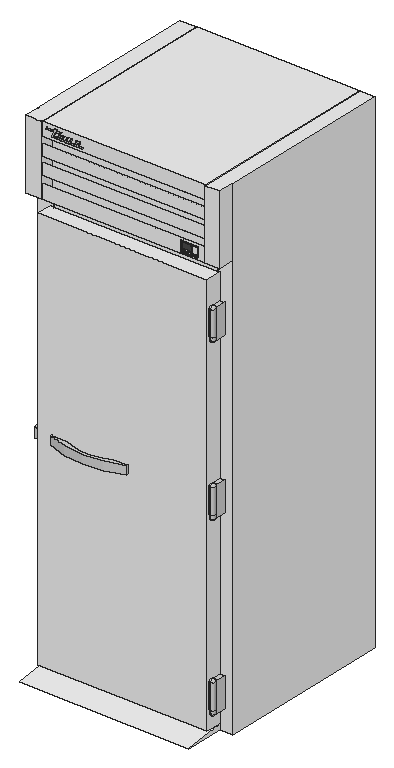
Revit family
Parameters
  Weight in Pounds = 0
  Watts = Volts * FL Amps  # 1023.5 W
  Volts = 115 V
  URL Cutsheet = "www.truemfg.com"
  URL = "www.truemfg.com"
  Type Mark [instance] = ""
  Type Comments = ""
  Status [instance] = ""
  Specification by User [instance] = ""
  Specification by Manufacturer = ""
  Show Logo [instance] = yes
  Show Clearance [instance] = yes
  Serial Number = ""
  Seismic Rating = ""
  SMACNA No = ""
  Revision Code [instance] = ""
  Phase = 1
  Omniclass Number and Title = ""
  Number of Poles [instance] = 1
  NAFEM Spec ID Number = ""
  Model = "STA1RRI89-1S"
  Min Ckt Ampacity = 0 A
  Max Overcurrent Protection = 0 A
  Masterspec = ""
  Manufacturer = "TRUE FOOD SERVICE EQUIPMENT, INC."
  Length = 35"
  Item Number [instance] = ""
  Installed By [instance] = ""
  Identify Quantity as Lot [instance] = yes
  Height = 88 3/4"
  HP = "1/3"
  Furnished By [instance] = ""
  Foodservice Equipment Identifier [instance] = yes
  FL Amps = 8.9 A
  Electrical Remarks [instance] = ""
  Electric Connection Type [instance] = ""
  Elec Conn RI Height [instance] = 0"
  Elec Conn Connection Height [instance] = 0"
  Description = "Roll-in Solid Swing Door Refrigerator"
  Depth = 34 3/4"
  Cycle = 60 Hz
  Conn Plug = "5-15P"
  Conn Conduit = yes
  CSI MasterFormat = ""
  CSI Master Format = ""
  Apparent Power = if(Phase = 3, Volts * FL Amps * 1.73, Volts * FL Amps)  # 1023.5 VA
Reference planes (in)
  plane 1 "BACK": y = 0
  plane 2: z = 0
  plane 3 "LEFT": x = 0
  plane 4 "RIGHT": x = 35
  plane 5 "FRONT": y = -34.75
  plane 6 "TOP": z = 88.75
  plane 7: x = 2.84375
  plane 8: y = -34.7042
  plane 9: x = 32.15625
  plane 10: z = 73.75
Forms (in)
  Extrusion 1, solid, material "QF_Finishes_Chrome - Satin"
    sketch origin (0.05, 0, 0) x (1, 0, 0) y (0, 1, 0)
      loop
        line (-0.05, 0) -> (-0.05, -32) -> (2.87859, -32) -> (2.87859, 0) -> (-0.05, 0)
    from 0 to 88.75
  Extrusion 2, solid, material "QF_Finishes_Chrome - Satin"
    sketch origin (50.15, 0, 0) x (1, 0, 0) y (0, 1, 0)
      loop
        line (-17.85, 0) -> (-17.85, -32) -> (-15.15, -32) -> (-15.15, 0) -> (-17.85, 0)
    from 0 to 88.75
  Extrusion 3, solid, material "QF_Finishes_Chrome - Satin"
    sketch origin (0, 0, 0) x (0, 1, 0) y (0, 0, 1)
      loop
        line (-34.7042, 76.28125) -> (-32, 76.28125) -> (-32, 0) -> (0, 0) -> (0, 88.75) -> (-34.7042, 88.75) -> (-34.7042, 86.40578) -> (-32.5, 84.83852) -> (-32.5, 83.71625) -> (-34.7042, 85.28351) -> (-34.7042, 83.1498) -> (-32.5, 81.58254) -> (-32.5, 80.62178) -> (-34.7042, 82.18904) -> (-34.7042, 80.09284) -> (-32.5, 78.52557) -> (-32.5, 77.25) -> (-34.7042, 78.81726) -> (-34.7042, 76.28125)
    from 2.92859 to 32.3
  Extrusion 4, solid, material "QF_Finishes_Chrome - Satin"
    sketch origin (0, 0, 0) x (1, 0, 0) y (0, 1, 0)
      loop
        line (34.84782, -32) -> (32.3, -32) -> (32.3, -34.75) -> (34.84782, -34.75) -> (34.84782, -32)
    from 76.28125 to 88.75
  Extrusion 5, solid, material "QF_Finishes_Chrome - Satin"
    sketch origin (-50.125, 0, 0.25) x (1, 0, 0) y (0, 1, 0)
      loop
        line (53.05359, -32) -> (50.24109, -32) -> (50.24109, -34.75) -> (53.05359, -34.75) -> (53.05359, -32)
    from 76.03125 to 88.5
  Extrusion 6, solid, material "QF_Finishes_Chrome - Satin"
    sketch origin (-24.96875, -1, -0.71875) x (1, 0, 0) y (0, 0, 1)
      loop
        line (27.25, 1.71875) -> (57.65625, 1.71875) -> (57.65625, 74.46875) -> (27.25, 74.46875) -> (27.25, 1.71875)
    from 31 to 33.75
  Extrusion 7, solid, material "QF_Finishes_Handrails and Railings"
    sketch origin (58.625, -0.25, 26.43519) x (1, 0, 0) y (0, 1, 0)
      loop
        line (-53.875, -34.5) -> (-53.875, -34.7)
        arc (-53.875, -34.7) -> (-47.075, -36.14405) -> (-40.275, -34.7) r 16.7325
        line (-40.275, -34.7) -> (-40.275, -34.5) -> (-42.675, -34.5)
        arc (-42.675, -34.5) -> (-47.075, -35.65816) -> (-51.475, -34.5) r 8.93715
        line (-51.475, -34.5) -> (-53.875, -34.5)
    from 10.87731 to 12.37731
  Extrusion 8, solid, material "QF_Finishes_Handrails and Railings"
    sketch origin (-23.375, 0, -2) x (1, 0, 0) y (0, 0, 1)
      loop
        circle (26.4375, 40.0625) r 0.35
      loop
        line (26.47265, 40.33635) -> (26.41715, 40.33635) -> (26.41715, 39.76895) -> (26.47265, 39.76895) -> (26.47265, 40.33635)
    from 33.5 to 33.83066
  Extrusion 9, solid, material "QF_Finishes_Handrails and Railings", visible <- "Show Logo"
    sketch origin (0.33478, 0.06376, 5.01857) x (1, 0, 0) y (0, 0, 1)
      loop
        line (3.46044, 83.08731) -> (3.35478, 82.86073) -> (4.76027, 82.86073)
        arc (4.76027, 82.86073) -> (4.78879, 82.81028) -> (4.76027, 82.75984) r 0.05887
        line (4.76027, 82.75984) -> (4.39369, 81.97372)
        arc (4.39369, 81.97372) -> (4.39051, 81.90091) -> (4.43975, 81.84717) r 0.09523
        line (4.43975, 81.84717) -> (5.33844, 81.84717)
        arc (5.33844, 81.84717) -> (5.45192, 81.88295) -> (5.52436, 81.97735) r 0.19785
        line (5.52436, 81.97735) -> (5.81285, 82.59601) -> (6.0779, 82.59601)
        arc (6.0779, 82.59601) -> (6.14744, 82.57043) -> (6.13737, 82.49703) r 0.05911
        line (6.13737, 82.49703) -> (5.89598, 81.97937)
        arc (5.89598, 81.97937) -> (5.89974, 81.8934) -> (5.97231, 81.84717) r 0.09318
        line (5.97231, 81.84717) -> (6.76198, 81.84717)
        arc (6.76198, 81.84717) -> (6.82249, 81.86919) -> (6.85468, 81.92495) r 0.09412
        arc (6.85468, 81.92495) -> (6.87746, 81.86995) -> (6.93246, 81.84717) r 0.07778
        line (6.93246, 81.84717) -> (7.43246, 81.84717)
        arc (7.43246, 81.84717) -> (7.49022, 81.86265) -> (7.53251, 81.90493) r 0.11552
        arc (7.53251, 81.90493) -> (7.55275, 81.85606) -> (7.60162, 81.83581) r 0.06912
        line (7.60162, 81.83581) -> (8.31225, 81.83581)
        arc (8.31225, 81.83581) -> (8.37034, 81.85988) -> (8.39441, 81.91797) r 0.08216
        arc (8.39441, 81.91797) -> (8.44767, 81.86472) -> (8.52042, 81.84522) r 0.14551
        line (8.52042, 81.84522) -> (9.85158, 81.84522) -> (9.99946, 82.10134) -> (8.65678, 82.10134)
        arc (8.65678, 82.10134) -> (8.61972, 82.12704) -> (8.61834, 82.17211) r 0.05009
        line (8.61834, 82.17211) -> (8.64157, 82.22192)
        arc (8.64157, 82.22192) -> (8.67723, 82.26864) -> (8.73327, 82.28635) r 0.09747
        line (8.73327, 82.28635) -> (9.16485, 82.28635)
        arc (9.16485, 82.28635) -> (9.258, 82.31131) -> (9.32619, 82.3795) r 0.1863
        line (9.32619, 82.3795) -> (9.45119, 82.59601)
        arc (9.45119, 82.59601) -> (9.45119, 82.71157) -> (9.35111, 82.76934) r 0.11556
        line (9.35111, 82.76934) -> (8.89562, 82.76934)
        arc (8.89562, 82.76934) -> (8.7795, 82.74962) -> (8.69849, 82.66412) r 0.18605
        line (8.69849, 82.66412) -> (8.48204, 82.19993)
        arc (8.48204, 82.19993) -> (8.41815, 82.11667) -> (8.31806, 82.08511) r 0.1745
        line (8.31806, 82.08511) -> (7.84559, 82.08511)
        arc (7.84559, 82.08511) -> (7.78903, 82.14684) -> (7.79268, 82.23048) r 0.10939
        line (7.79268, 82.23048) -> (8.04395, 82.76934) -> (7.88403, 82.76934) -> (7.61781, 82.19844)
        arc (7.61781, 82.19844) -> (7.56609, 82.13103) -> (7.48505, 82.10548) r 0.14128
        line (7.48505, 82.10548) -> (7.15925, 82.10548)
        arc (7.15925, 82.10548) -> (7.10419, 82.17723) -> (7.116, 82.26689) r 0.11816
        line (7.116, 82.26689) -> (7.3503, 82.76934) -> (7.18514, 82.76934) -> (6.91546, 82.191)
        arc (6.91546, 82.191) -> (6.85285, 82.12839) -> (6.76733, 82.10548) r 0.17104
        line (6.76733, 82.10548) -> (6.29555, 82.10548)
        arc (6.29555, 82.10548) -> (6.21082, 82.14499) -> (6.20267, 82.23813) r 0.0935
        line (6.20267, 82.23813) -> (6.35774, 82.57069) -> (6.57695, 82.57069)
        arc (6.57695, 82.57069) -> (6.61395, 82.68217) -> (6.69267, 82.76934) r 0.2857
        line (6.69267, 82.76934) -> (5.83605, 82.76934)
        arc (5.83605, 82.76934) -> (5.74086, 82.74824) -> (5.67498, 82.67635) r 0.16212
        line (5.67498, 82.67635) -> (5.44279, 82.17841)
        arc (5.44279, 82.17841) -> (5.3894, 82.12502) -> (5.31647, 82.10548) r 0.14586
        line (5.31647, 82.10548) -> (4.80506, 82.10548)
        arc (4.80506, 82.10548) -> (4.76514, 82.15942) -> (4.77274, 82.22609) r 0.09155
        line (4.77274, 82.22609) -> (5.11018, 82.86073) -> (5.96155, 82.86073) -> (6.06721, 83.08731) -> (5.21584, 83.08731) -> (5.32149, 83.31388) -> (5.01862, 83.31388) -> (4.91297, 83.08731) -> (3.46044, 83.08731)
      loop
        arc (8.83805, 82.56363) -> (8.80119, 82.55375) -> (8.7742, 82.52676) r 0.07373
        line (8.7742, 82.52676) -> (8.75229, 82.45936)
        arc (8.75229, 82.45936) -> (8.76245, 82.43483) -> (8.78699, 82.42466) r 0.0347
        line (8.78699, 82.42466) -> (9.15948, 82.42466)
        arc (9.15948, 82.42466) -> (9.18632, 82.43061) -> (9.20812, 82.44734) r 0.0635
        line (9.20812, 82.44734) -> (9.22624, 82.53122)
        arc (9.22624, 82.53122) -> (9.22091, 82.55368) -> (9.20009, 82.56363) r 0.02676
        line (9.20009, 82.56363) -> (8.83805, 82.56363)
    from 34.76797 to 34.83173
  Extrusion 10, solid, material "QF_Finishes_White"
    sketch origin (-22.74812, 0.0458, -7.98362) x (1, 0, 0) y (0, 0, 1)
      loop
        line (50.81732, 86.35727) -> (50.81732, 84.60996) -> (53.72357, 84.60996) -> (53.72357, 86.35727) -> (50.81732, 86.35727)
    from 34.75 to 34.76797
  Extrusion 11, solid, material "QF_Finishes_Black"
    sketch origin (-22.74812, 0.0458, -7.98362) x (1, 0, 0) y (0, 0, 1)
      loop
        line (53.78607, 86.41977) -> (50.75482, 86.41977) -> (50.75482, 84.54746) -> (53.78607, 84.54746) -> (53.78607, 86.41977)
      loop
        spline (50.95482, 84.87872) -> (50.96333, 84.86254) -> (50.98831, 84.84747) -> (51.02804, 84.83452) -> (51.07982, 84.82459) -> (51.14011, 84.81835) -> (51.20482, 84.81622) -> (51.26952, 84.81835) -> (51.32982, 84.82459) -> (51.38159, 84.83452) -> (51.42132, 84.84747) -> (51.4463, 84.86254) -> (51.45482, 84.87872)
        spline (51.45482, 84.87872) -> (51.4463, 84.89489) -> (51.42132, 84.90997) -> (51.38159, 84.92291) -> (51.32982, 84.93284) -> (51.26952, 84.93909) -> (51.20482, 84.94122) -> (51.14011, 84.93909) -> (51.07982, 84.93284) -> (51.02804, 84.92291) -> (50.98831, 84.90997) -> (50.96333, 84.89489) -> (50.95482, 84.87872)
      loop
        spline (51.65083, 84.87872) -> (51.65935, 84.86254) -> (51.68432, 84.84747) -> (51.72405, 84.83452) -> (51.77583, 84.82459) -> (51.83612, 84.81835) -> (51.90083, 84.81622) -> (51.96553, 84.81835) -> (52.02583, 84.82459) -> (52.07761, 84.83452) -> (52.11734, 84.84747) -> (52.14231, 84.86254) -> (52.15083, 84.87872)
        spline (52.15083, 84.87872) -> (52.14231, 84.89489) -> (52.11734, 84.90997) -> (52.07761, 84.92291) -> (52.02583, 84.93284) -> (51.96553, 84.93909) -> (51.90083, 84.94122) -> (51.83612, 84.93909) -> (51.77583, 84.93284) -> (51.72405, 84.92291) -> (51.68432, 84.90997) -> (51.65935, 84.89489) -> (51.65083, 84.87872)
      loop
        spline (52.40083, 84.87872) -> (52.40935, 84.86254) -> (52.43432, 84.84747) -> (52.47405, 84.83452) -> (52.52583, 84.82459) -> (52.58612, 84.81835) -> (52.65083, 84.81622) -> (52.71553, 84.81835) -> (52.77583, 84.82459) -> (52.82761, 84.83452) -> (52.86734, 84.84747) -> (52.89231, 84.86254) -> (52.90083, 84.87872)
        spline (52.90083, 84.87872) -> (52.89231, 84.89489) -> (52.86734, 84.90997) -> (52.82761, 84.92291) -> (52.77583, 84.93284) -> (52.71553, 84.93909) -> (52.65083, 84.94122) -> (52.58612, 84.93909) -> (52.52583, 84.93284) -> (52.47405, 84.92291) -> (52.43432, 84.90997) -> (52.40935, 84.89489) -> (52.40083, 84.87872)
      loop
        line (50.95481, 86.21978) -> (50.95481, 85.21978) -> (52.65433, 85.21978) -> (52.65433, 86.21978) -> (50.95481, 86.21978)
      loop
        line (53.72357, 86.35727) -> (50.81732, 86.35727) -> (50.81732, 84.60996) -> (53.72357, 84.60996) -> (53.72357, 86.35727)
      loop
        spline (53.15083, 84.87872) -> (53.15935, 84.86254) -> (53.18432, 84.84747) -> (53.22405, 84.83452) -> (53.27583, 84.82459) -> (53.33612, 84.81835) -> (53.40083, 84.81622) -> (53.46553, 84.81835) -> (53.52583, 84.82459) -> (53.57761, 84.83452) -> (53.61734, 84.84747) -> (53.64231, 84.86254) -> (53.65083, 84.87872)
        spline (53.65083, 84.87872) -> (53.64231, 84.89489) -> (53.61734, 84.90997) -> (53.57761, 84.92291) -> (53.52583, 84.93284) -> (53.46553, 84.93909) -> (53.40083, 84.94122) -> (53.33612, 84.93909) -> (53.27583, 84.93284) -> (53.22405, 84.92291) -> (53.18432, 84.90997) -> (53.15935, 84.89489) -> (53.15083, 84.87872)
    from 34.76797 to 34.80335
  Extrusion 12, solid
    sketch origin (-25.125, 0, 0) x (1, 0, 0) y (0, 0, 1)
      loop
        circle (56.875, 86.625) r 0.25
    from 0 to 0.0625
  Blend 13, solid, material "QF_Finishes_Handrails and Railings"
    base sketch origin (27.53125, -1, 0) x (-1, 0, 0) y (0, 0, -1)
      loop
        line (25.25, -38.99169) -> (26, -38.99169) -> (26, -37.24169) -> (25.25, -37.24169) -> (25.25, -38.99169)
    top sketch origin (27.53125, 0, 0) x (-1, 0, 0) y (0, 0, -1)
      loop
        line (26.18223, -36.6441) -> (25.25, -36.6441) -> (25.25, -39.42643) -> (26.18223, -39.42643) -> (26.18223, -36.6441)
    from 33.57883 to 32
  Extrusion 14, solid, material "QF_Finishes_Handrails and Railings"
    sketch origin (33.78125, 0, 0) x (0, 1, 0) y (0, 0, -1)
      loop
        line (-32, -69.17729) -> (-32, -63.86127) -> (-34.25, -63.86127) -> (-34.25, -64.57348) -> (-33.81497, -64.57348) -> (-33.81497, -68.97276)
        arc (-33.81497, -68.97276) -> (-33.75506, -69.11738) -> (-33.61044, -69.17729) r 0.20453
        line (-33.61044, -69.17729) -> (-32, -69.17729)
    from 0.17506 to 1
  Revolve 15, solid, material "QF_Finishes_Handrails and Railings"
    sketch origin (33.28125, 0, 0) x (0, 1, 0) y (0, 0, -1)
      loop
        line (-34.26563, -64.62689) -> (-34.67229, -64.62689) -> (-34.67229, -69.0986)
        arc (-34.67229, -69.0986) -> (-34.53722, -69.35057) -> (-34.26563, -69.43983) r 0.3848
        line (-34.26563, -69.43983) -> (-34.26563, -64.62689)
      loop
        line (-34.26563, -64.57348) -> (-34.26563, -63.67281)
        arc (-34.26563, -63.67281) -> (-34.53264, -63.75883) -> (-34.67229, -64.00212) r 0.38884
        line (-34.67229, -64.00212) -> (-34.67229, -64.57348) -> (-34.26563, -64.57348)
      axis (-34.26563, -63.67281) -> (-34.26563, -69.43983)
    angle from 0 to 360
  Extrusion 16, solid, material "QF_Finishes_Handrails and Railings"
    sketch origin (27.5, -1.07734, 0.0011) x (-1, 0, 0) y (0, 0, -1)
      loop
        line (-5.58509, -69.0986) -> (-5.1875, -69.0986) -> (-5.1875, -64.62579) -> (-5.58509, -64.62579) -> (-5.58509, -69.0986)
    from 32.81497 to 33.59495
  Extrusion 17, solid, material "QF_Finishes_Handrails and Railings"
    sketch origin (33.78125, 0, -24) x (0, 1, 0) y (0, 0, -1)
      loop
        line (-32, -64.55229) -> (-32, -59.23627) -> (-34.25, -59.23627) -> (-34.25, -59.94848) -> (-33.81497, -59.94848) -> (-33.81497, -64.34776)
        arc (-33.81497, -64.34776) -> (-33.75506, -64.49238) -> (-33.61044, -64.55229) r 0.20453
        line (-33.61044, -64.55229) -> (-32, -64.55229)
    from 0.17506 to 1
  Revolve 18, solid, material "QF_Finishes_Handrails and Railings"
    sketch origin (33.28125, 0, -24) x (0, 1, 0) y (0, 0, -1)
      loop
        line (-34.26563, -60.00189) -> (-34.67229, -60.00189) -> (-34.67229, -64.4736)
        arc (-34.67229, -64.4736) -> (-34.53722, -64.72557) -> (-34.26563, -64.81483) r 0.3848
        line (-34.26563, -64.81483) -> (-34.26563, -60.00189)
      loop
        line (-34.26563, -59.94848) -> (-34.26563, -59.04781)
        arc (-34.26563, -59.04781) -> (-34.53264, -59.13383) -> (-34.67229, -59.37712) r 0.38884
        line (-34.67229, -59.37712) -> (-34.67229, -59.94848) -> (-34.26563, -59.94848)
      axis (-34.26563, -59.04781) -> (-34.26563, -64.81483)
    angle from 0 to 360
  Extrusion 19, solid, material "QF_Finishes_Handrails and Railings"
    sketch origin (27.5, -1.07734, -23.9989) x (-1, 0, 0) y (0, 0, -1)
      loop
        line (-5.58509, -64.4736) -> (-5.1875, -64.4736) -> (-5.1875, -60.00079) -> (-5.58509, -60.00079) -> (-5.58509, -64.4736)
    from 32.81497 to 33.59495
  Extrusion 20, solid, material "QF_Finishes_Handrails and Railings"
    sketch origin (33.78125, 0, -55.5) x (0, 1, 0) y (0, 0, -1)
      loop
        line (-32, -64.55229) -> (-32, -59.23627) -> (-34.25, -59.23627) -> (-34.25, -59.94848) -> (-33.81497, -59.94848) -> (-33.81497, -64.34776)
        arc (-33.81497, -64.34776) -> (-33.75506, -64.49238) -> (-33.61044, -64.55229) r 0.20453
        line (-33.61044, -64.55229) -> (-32, -64.55229)
    from 0.17506 to 1
  Revolve 21, solid, material "QF_Finishes_Handrails and Railings"
    sketch origin (33.28125, 0, -55.5) x (0, 1, 0) y (0, 0, -1)
      loop
        line (-34.26563, -60.00189) -> (-34.67229, -60.00189) -> (-34.67229, -64.4736)
        arc (-34.67229, -64.4736) -> (-34.53722, -64.72557) -> (-34.26563, -64.81483) r 0.3848
        line (-34.26563, -64.81483) -> (-34.26563, -60.00189)
      loop
        line (-34.26563, -59.94848) -> (-34.26563, -59.04781)
        arc (-34.26563, -59.04781) -> (-34.53264, -59.13383) -> (-34.67229, -59.37712) r 0.38884
        line (-34.67229, -59.37712) -> (-34.67229, -59.94848) -> (-34.26563, -59.94848)
      axis (-34.26563, -59.04781) -> (-34.26563, -64.81483)
    angle from 0 to 360
  Extrusion 22, solid, material "QF_Finishes_Handrails and Railings"
    sketch origin (27.5, -1.07734, -55.4989) x (-1, 0, 0) y (0, 0, -1)
      loop
        line (-5.58509, -64.4736) -> (-5.1875, -64.4736) -> (-5.1875, -60.00079) -> (-5.58509, -60.00079) -> (-5.58509, -64.4736)
    from 32.81497 to 33.59495
  Extrusion 23, solid, material "QF_Finishes_Door Clearance", visible <- "Show Clearance", detail levels coarse
    sketch origin (26.42841, -3.6098, 0) x (1, 0, 0) y (0, 1, 0)
      loop
        line (6.32159, -31.1402) -> (-24.14716, -31.1402)
        arc (-24.14716, -31.1402) -> (-15.22307, -52.68486) -> (6.32159, -61.60895) r 30.46875
        line (6.32159, -61.60895) -> (6.32159, -31.1402)
    from 1 to 73.75
  Extrusion 24, solid, material "QF_Finishes_Chrome - Satin"
    sketch origin (32.6875, -1, 1) x (0, 0, 1) y (0, -1, 0)
      loop
        line (-1, 37.875) -> (-1, 31) -> (0, 31) -> (-1, 37.875)
    from 0 to -30.40625
Cuts and joins
  joined: Extrusion 1, Extrusion 2, Extrusion 4, Extrusion 5
Lines and regions (in)
  symbolic lines
    curve 1: line (0, 0, 0) -> (35, 0, 0)
    curve 2: line (0, -34.75, 0) -> (0, 0, 0)
    curve 3: line (35, -34.75, 0) -> (0, -34.75, 0)
    curve 4: line (35, 0, 0) -> (35, -34.75, 0)
    curve 5: line (35, -32.5, 0) -> (0, -32.5, 0)
    curve 6: arc (15.95746, -34.75, 0) -> (11.55746, -35.90816, 0) -> (7.15746, -34.75, 0) r 8.93715
    curve 7: arc (4.75746, -34.95, 0) -> (11.55746, -36.39405, 0) -> (18.35746, -34.95, 0) r 16.7325
    curve 8: line (4.75746, -34.75, 0) -> (4.75746, -34.95, 0)
    curve 9: line (18.35746, -34.95, 0) -> (18.35746, -34.75, 0)
  symbolic lines, style "QF-Door Swings", visible <- "Show Clearance", detail levels coarse
    curve 10: line (32.75, -34.75, 0) -> (32.75, -65.21875, 0)
    curve 11: arc (32.75, -65.21875, 0) -> (11.20534, -56.29466, 0) -> (2.28125, -34.75, 0) r 30.46875
Dimensions and locks (in)
  "Depth": plane 5 "FRONT" to plane 1 "BACK"
  "Height": plane 6 "TOP" to level
  Extrusion 6 sketch curve to Extrusion 6 sketch curve = 30 13/32"
  Extrusion 6 to plane 1 "BACK" = 34 3/4"
  "Length": plane 3 "LEFT" to plane 4 "RIGHT"
  plane 4 "RIGHT" to plane 3 "LEFT" = 35"
  plane 10 to level = 73 3/4"
  aligned and locked: level to plane 2
  aligned and locked: plane 6 "TOP" to cut or joined group of Extrusion 1, Extrusion 2, Extrusion 4, Extrusion 5
Automatic sketch dimensions
  Extrusion 1 sketch curve to plane 3 "LEFT" = 0"
  plane 1 "BACK" to Extrusion 1 sketch curve = 0"
  Extrusion 1 sketch curve to Extrusion 1 sketch curve = 2.92859"
  Extrusion 1 sketch curve to plane 5 "FRONT" = 2 3/4"
  plane 1 "BACK" to Extrusion 2 sketch curve = 0"
  Extrusion 2 sketch curve to plane 4 "RIGHT" = 0"
  Extrusion 2 sketch curve to plane 5 "FRONT" = 2 3/4"
  plane 5 "FRONT" to Extrusion 4 sketch curve = 0"
  Extrusion 4 sketch curve to plane 4 "RIGHT" = 0.15218"
  Extrusion 4 sketch curve to plane 5 "FRONT" = 2 3/4"
  plane 5 "FRONT" to Extrusion 5 sketch curve = 0"
  plane 3 "LEFT" to Extrusion 5 sketch curve = 0.11609"
  Extrusion 5 sketch curve to Extrusion 5 sketch curve = 2 13/16"
  Extrusion 5 sketch curve to plane 5 "FRONT" = 2 3/4"
  plane 5 "FRONT" to Extrusion 7 sketch curve = 0"  (x2)
  Extrusion 7 sketch curve to Extrusion 7 sketch curve = 2.4"  (x2)
  Extrusion 7 sketch curve to Extrusion 7 sketch curve = 4.4"
  Extrusion 7 sketch curve to Extrusion 7 sketch curve = 0"
  Extrusion 7 sketch curve to Extrusion 7 sketch curve = 0.2"
  Extrusion 7 sketch curve to plane 5 "FRONT" = 7.77899"
  Extrusion 7 sketch curve to Extrusion 7 sketch curve = 7.30945"
  Extrusion 8 sketch curve to Extrusion 8 sketch curve = 0.02035"
  Extrusion 8 sketch curve to Extrusion 8 sketch curve = 0.0555"
  Extrusion 8 sketch curve to Extrusion 8 sketch curve = 0.29355"
  Extrusion 8 sketch curve to Extrusion 8 sketch curve = 0.27385"
  plane 3 "LEFT" to Extrusion 9 sketch curve = 3.68957"
  Extrusion 9 sketch curve to Extrusion 9 sketch curve = 0.10565"  (x5)
  Extrusion 9 sketch curve to Extrusion 9 sketch curve = 1.03891"
  Extrusion 9 sketch curve to Extrusion 9 sketch curve = 0.04606"
  Extrusion 9 sketch curve to Extrusion 9 sketch curve = 0.04025"
  Extrusion 9 sketch curve to Extrusion 9 sketch curve = 0.33624"
  Extrusion 9 sketch curve to Extrusion 9 sketch curve = 0.03034"  (x2)
  Extrusion 9 sketch curve to Extrusion 9 sketch curve = 0.29274"
  Extrusion 9 sketch curve to Extrusion 9 sketch curve = 0.03232"
  Extrusion 9 sketch curve to Extrusion 9 sketch curve = 0.08083"
  Extrusion 9 sketch curve to Extrusion 9 sketch curve = 0.1527"
  Extrusion 9 sketch curve to Extrusion 9 sketch curve = 0.19721"
  Extrusion 9 sketch curve to Extrusion 9 sketch curve = 0.4629"
  Extrusion 9 sketch curve to Extrusion 9 sketch curve = 0.02197"
  Extrusion 9 sketch curve to Extrusion 9 sketch curve = 0.12632"
  Extrusion 9 sketch curve to Extrusion 9 sketch curve = 0.18591"
  Extrusion 9 sketch curve to Extrusion 9 sketch curve = 0.2322"
  Extrusion 9 sketch curve to Extrusion 9 sketch curve = 0.13786"
  Extrusion 9 sketch curve to Extrusion 9 sketch curve = 0.00907"
  Extrusion 9 sketch curve to Extrusion 9 sketch curve = 0.01413"
  Extrusion 9 sketch curve to Extrusion 9 sketch curve = 0.37162"
  Extrusion 9 sketch curve to Extrusion 9 sketch curve = 0.12551"
  Extrusion 9 sketch curve to Extrusion 9 sketch curve = 0.07633"
  Extrusion 9 sketch curve to Extrusion 9 sketch curve = 0.08445"
  Extrusion 9 sketch curve to Extrusion 9 sketch curve = 0.25598"
  Extrusion 9 sketch curve to Extrusion 9 sketch curve = 0.01887"
  Extrusion 9 sketch curve to Extrusion 9 sketch curve = 0.04061"
  Extrusion 9 sketch curve to Extrusion 9 sketch curve = 0.0653"
  Extrusion 9 sketch curve to Extrusion 9 sketch curve = 0.08474"
  Extrusion 9 sketch curve to Extrusion 9 sketch curve = 0.00815"
  Extrusion 9 sketch curve to Extrusion 9 sketch curve = 0.22037"
  Extrusion 9 sketch curve to Extrusion 9 sketch curve = 0.21921"
  Extrusion 9 sketch curve to Extrusion 9 sketch curve = 0.11572"
  Extrusion 9 sketch curve to Extrusion 9 sketch curve = 0.46643"
  Extrusion 9 sketch curve to Extrusion 9 sketch curve = 0.00535"
  Extrusion 9 sketch curve to Extrusion 9 sketch curve = 0.09269"
  Extrusion 9 sketch curve to Extrusion 9 sketch curve = 0.09348"
  Extrusion 9 sketch curve to Extrusion 9 sketch curve = 0.14812"
  Extrusion 9 sketch curve to Extrusion 9 sketch curve = 0.07778"  (x3)
  Extrusion 9 sketch curve to Extrusion 9 sketch curve = 0.20054"
  Extrusion 9 sketch curve to Extrusion 9 sketch curve = 0.04325"
  Extrusion 9 sketch curve to Extrusion 9 sketch curve = 0.32433"
  Extrusion 9 sketch curve to Extrusion 9 sketch curve = 0.10233"  (x2)
  Extrusion 9 sketch curve to Extrusion 9 sketch curve = 0.16515"
  Extrusion 9 sketch curve to Extrusion 9 sketch curve = 0.27321"
  Extrusion 9 sketch curve to Extrusion 9 sketch curve = 0.0526"
  Extrusion 9 sketch curve to Extrusion 9 sketch curve = 0.10005"
  Extrusion 9 sketch curve to Extrusion 9 sketch curve = 0.06912"
  Extrusion 9 sketch curve to Extrusion 9 sketch curve = 0.13276"
  Extrusion 9 sketch curve to Extrusion 9 sketch curve = 0.17486"
  Extrusion 9 sketch curve to Extrusion 9 sketch curve = 0.05291"
  Extrusion 9 sketch curve to Extrusion 9 sketch curve = 0.53374"
  Extrusion 9 sketch curve to Extrusion 9 sketch curve = 0.09914"  (x2)
  Extrusion 9 sketch curve to Extrusion 9 sketch curve = 0.15992"
  Extrusion 9 sketch curve to Extrusion 9 sketch curve = 0.46666"
  Extrusion 9 sketch curve to Extrusion 9 sketch curve = 0.00582"
  Extrusion 9 sketch curve to Extrusion 9 sketch curve = 0.08216"
  Extrusion 9 sketch curve to Extrusion 9 sketch curve = 0.16397"
  Extrusion 9 sketch curve to Extrusion 9 sketch curve = 0.12601"
  Extrusion 9 sketch curve to Extrusion 9 sketch curve = 0.1363"
  Extrusion 9 sketch curve to Extrusion 9 sketch curve = 0.02323"
  Extrusion 9 sketch curve to Extrusion 9 sketch curve = 0.03844"
  Extrusion 9 sketch curve to Extrusion 9 sketch curve = 0.0454"
  Extrusion 9 sketch curve to Extrusion 9 sketch curve = 0.05693"
  Extrusion 9 sketch curve to Extrusion 9 sketch curve = 0.0917"
  Extrusion 9 sketch curve to Extrusion 9 sketch curve = 0.01902"
  Extrusion 9 sketch curve to Extrusion 9 sketch curve = 0.02191"
  Extrusion 9 sketch curve to Extrusion 9 sketch curve = 0.0347"
  Extrusion 9 sketch curve to Extrusion 9 sketch curve = 0.06385"
  Extrusion 9 sketch curve to Extrusion 9 sketch curve = 0.02906"
  Extrusion 9 sketch curve to Extrusion 9 sketch curve = 0.02851"
  Extrusion 9 sketch curve to Extrusion 9 sketch curve = 0.29237"
  Extrusion 9 sketch curve to Extrusion 9 sketch curve = 0.00537"
  Extrusion 9 sketch curve to Extrusion 9 sketch curve = 0.0406"
  Extrusion 9 sketch curve to Extrusion 9 sketch curve = 0.04327"
  Extrusion 9 sketch curve to Extrusion 9 sketch curve = 0.02615"
  Extrusion 9 sketch curve to Extrusion 9 sketch curve = 0.11806"
  Extrusion 9 sketch curve to Extrusion 9 sketch curve = 0.15103"
  Extrusion 9 sketch curve to Extrusion 9 sketch curve = 0.10007"
  Extrusion 9 sketch curve to Extrusion 9 sketch curve = 0.5254"
  Extrusion 9 sketch curve to Extrusion 9 sketch curve = 0.14787"
  Extrusion 9 sketch curve to plane 6 "TOP" = 1.89562"
  Extrusion 9 sketch curve to Extrusion 9 sketch curve = 0.07275"
  Extrusion 9 sketch curve to Extrusion 9 sketch curve = 0.05776"
  Extrusion 9 sketch curve to Extrusion 9 sketch curve = 0.08631"
  Extrusion 9 sketch curve to Extrusion 9 sketch curve = 0.09282"
  Extrusion 9 sketch curve to Extrusion 9 sketch curve = 0.13018"
  Extrusion 9 sketch curve to Extrusion 9 sketch curve = 0.16714"
  Extrusion 9 sketch curve to Extrusion 9 sketch curve = 0.11061"
  Extrusion 9 sketch curve to Extrusion 9 sketch curve = 0.06046"
  Extrusion 9 sketch curve to Extrusion 9 sketch curve = 0.16548"
  Extrusion 9 sketch curve to Extrusion 9 sketch curve = 0.14279"
  Extrusion 9 sketch curve to Extrusion 9 sketch curve = 0.0496"
  Extrusion 9 sketch curve to Extrusion 9 sketch curve = 0.07293"
  Extrusion 9 sketch curve to Extrusion 9 sketch curve = 0.07764"
  Extrusion 9 sketch curve to Extrusion 9 sketch curve = 0.03794"
  Extrusion 9 sketch curve to Extrusion 9 sketch curve = 0.08552"
  Extrusion 9 sketch curve to Extrusion 9 sketch curve = 0.09296"
  Extrusion 9 sketch curve to Extrusion 9 sketch curve = 0.09314"
  Extrusion 9 sketch curve to Extrusion 9 sketch curve = 0.02781"
  Extrusion 9 sketch curve to Extrusion 9 sketch curve = 0.04981"
  Extrusion 9 sketch curve to Extrusion 9 sketch curve = 0.09315"
  Extrusion 9 sketch curve to Extrusion 9 sketch curve = 0.04799"
  Extrusion 9 sketch curve to Extrusion 9 sketch curve = 0.02531"
  Extrusion 9 sketch curve to Extrusion 9 sketch curve = 0.03054"
  Extrusion 9 sketch curve to Extrusion 9 sketch curve = 0.2589"
  Extrusion 9 sketch curve to Extrusion 9 sketch curve = 0.0674"
  Extrusion 9 sketch curve to Extrusion 9 sketch curve = 0.0324"
  Extrusion 9 sketch curve to Extrusion 9 sketch curve = 0.26185"
  Extrusion 9 sketch curve to Extrusion 9 sketch curve = 11/256"
  Extrusion 9 sketch curve to Extrusion 9 sketch curve = 0.07366"
  Extrusion 9 sketch curve to Extrusion 9 sketch curve = 0.02187"
  Extrusion 9 sketch curve to Extrusion 9 sketch curve = 0.06479"
  Extrusion 9 sketch curve to Extrusion 9 sketch curve = 0.01183"
  Extrusion 9 sketch curve to Extrusion 9 sketch curve = 0.05778"
  Extrusion 9 sketch curve to Extrusion 9 sketch curve = 0.53375"
  Extrusion 9 sketch curve to Extrusion 9 sketch curve = 0.23098"
  Extrusion 9 sketch curve to Extrusion 9 sketch curve = 0"
  Extrusion 9 sketch curve to Extrusion 9 sketch curve = 0.05045"
  Extrusion 9 sketch curve to Extrusion 9 sketch curve = 0.09139"
  Extrusion 9 sketch curve to Extrusion 9 sketch curve = 29/128"  (x3)
  Extrusion 12 sketch curve to plane 6 "TOP" = 2 1/8"
  Blend 13 sketch curve to Blend 13 sketch curve = 1 3/4"
  Blend 13 sketch curve to Blend 13 sketch curve = 2.78233"
  Extrusion 14 sketch curve to plane 5 "FRONT" = 1/2"
  Extrusion 14 sketch curve to Extrusion 14 sketch curve = 0.43503"
  Extrusion 14 sketch curve to Extrusion 14 sketch curve = 0.20453"
  Extrusion 14 sketch curve to Extrusion 14 sketch curve = 1.61044"
  Extrusion 14 sketch curve to plane 6 "TOP" = 19.57271"
  Extrusion 14 sketch curve to Extrusion 14 sketch curve = 4.39928"
  Extrusion 14 sketch curve to Extrusion 14 sketch curve = 0.71221"
  Revolve 15 sketch curve to plane 5 "FRONT" = 0.07771"  (x2)
  Revolve 15 sketch curve to Revolve 15 sketch curve = 0.38242"
  Revolve 15 sketch curve to Revolve 15 sketch curve = 0.38436"
  Revolve 15 sketch curve to plane 5 "FRONT" = 31/64"
  Revolve 15 sketch curve to Revolve 15 sketch curve = 0.40666"
  Revolve 15 sketch curve to Revolve 15 sketch curve = 0"
  Revolve 15 sketch curve to plane 6 "TOP" = 18.75492"
  Revolve 15 sketch curve to Revolve 15 sketch curve = 0.55526"
  Revolve 15 sketch curve to Revolve 15 sketch curve = 0.19474"
  Revolve 15 sketch curve to Revolve 15 sketch curve = 0.14649"
  Revolve 15 sketch curve to Revolve 15 sketch curve = 4.42889"
  Revolve 15 sketch curve to Revolve 15 sketch curve = 0.05342"
  Revolve 15 sketch curve to Revolve 15 sketch curve = 0.51246"
  Revolve 15 sketch curve to Revolve 15 sketch curve = 0.05889"
  Extrusion 16 sketch curve to Extrusion 16 sketch curve = 0.39759"
  Extrusion 16 sketch curve to plane 6 "TOP" = 19.6503"
  Extrusion 16 sketch curve to Extrusion 16 sketch curve = 4.47281"
  Extrusion 17 sketch curve to plane 5 "FRONT" = 1/2"
  Extrusion 17 sketch curve to Extrusion 17 sketch curve = 0.43503"
  Extrusion 17 sketch curve to Extrusion 17 sketch curve = 0.20453"
  Extrusion 17 sketch curve to Extrusion 17 sketch curve = 1.61044"
  Extrusion 17 sketch curve to Extrusion 17 sketch curve = 4.39928"
  Extrusion 17 sketch curve to Extrusion 17 sketch curve = 0.71221"
  Revolve 18 sketch curve to plane 5 "FRONT" = 0.07771"  (x2)
  Revolve 18 sketch curve to Revolve 18 sketch curve = 0.38242"
  Revolve 18 sketch curve to Revolve 18 sketch curve = 0.38436"
  Revolve 18 sketch curve to plane 5 "FRONT" = 31/64"
  Revolve 18 sketch curve to Revolve 18 sketch curve = 0.40666"
  Revolve 18 sketch curve to Revolve 18 sketch curve = 0"
  Revolve 18 sketch curve to Revolve 18 sketch curve = 0.55526"
  Revolve 18 sketch curve to Revolve 18 sketch curve = 0.19474"
  Revolve 18 sketch curve to Revolve 18 sketch curve = 0.14649"
  Revolve 18 sketch curve to Revolve 18 sketch curve = 4.42889"
  Revolve 18 sketch curve to Revolve 18 sketch curve = 0.05342"
  Revolve 18 sketch curve to Revolve 18 sketch curve = 0.51246"
  Revolve 18 sketch curve to Revolve 18 sketch curve = 0.05889"
  Extrusion 19 sketch curve to Extrusion 19 sketch curve = 0.39759"
  Extrusion 19 sketch curve to Extrusion 19 sketch curve = 4.47281"
  Extrusion 20 sketch curve to plane 5 "FRONT" = 1/2"
  Extrusion 20 sketch curve to Extrusion 20 sketch curve = 0.43503"
  Extrusion 20 sketch curve to Extrusion 20 sketch curve = 0.20453"
  Extrusion 20 sketch curve to Extrusion 20 sketch curve = 1.61044"
  Extrusion 20 sketch curve to Extrusion 20 sketch curve = 0.71221"
  Revolve 21 sketch curve to plane 5 "FRONT" = 0.07771"  (x2)
  Revolve 21 sketch curve to Revolve 21 sketch curve = 0.38242"
  Revolve 21 sketch curve to Revolve 21 sketch curve = 0.38436"
  Revolve 21 sketch curve to plane 5 "FRONT" = 31/64"
  Revolve 21 sketch curve to Revolve 21 sketch curve = 0.40666"
  Revolve 21 sketch curve to Revolve 21 sketch curve = 0"
  Revolve 21 sketch curve to Revolve 21 sketch curve = 0.55526"
  Revolve 21 sketch curve to Revolve 21 sketch curve = 0.19474"
  Revolve 21 sketch curve to Revolve 21 sketch curve = 0.14649"
  Revolve 21 sketch curve to Revolve 21 sketch curve = 0.05342"
  Revolve 21 sketch curve to Revolve 21 sketch curve = 0.51246"
  Revolve 21 sketch curve to Revolve 21 sketch curve = 0.05889"
  Extrusion 22 sketch curve to Extrusion 22 sketch curve = 0.39759"
  Extrusion 3 sketch curve to plane 8 = 0"  (x4)
  Extrusion 3 sketch curve to plane 6 "TOP" = 0"
  plane 8 to Extrusion 3 sketch curve = 2.2042"  (x2)
  Extrusion 3 sketch curve to Extrusion 3 sketch curve = 0"
  Extrusion 3 sketch curve to Extrusion 3 sketch curve = 1/2"
  plane 1 "BACK" to Extrusion 3 sketch curve = 0"
  Extrusion 3 sketch curve to plane 6 "TOP" = 2.34422"
  Extrusion 3 sketch curve to Extrusion 3 sketch curve = 1.12227"  (x2)
  Extrusion 3 sketch curve to Extrusion 3 sketch curve = 0.445"
  Extrusion 3 sketch curve to Extrusion 3 sketch curve = 2.13371"  (x2)
  Extrusion 3 sketch curve to Extrusion 3 sketch curve = 0.96076"  (x2)
  Extrusion 3 sketch curve to Extrusion 3 sketch curve = 2.0962"  (x2)
  Extrusion 3 sketch curve to Extrusion 3 sketch curve = 1.27557"  (x2)
  Extrusion 3 sketch curve to Extrusion 3 sketch curve = 31/32"
  Blend 13 sketch curve to Blend 13 sketch curve = 3/4"
  Blend 13 sketch curve to Blend 13 sketch curve = 0.93223"
  Extrusion 2 sketch curve to plane 4 "RIGHT" = 2.7"
  Extrusion 4 sketch curve to Extrusion 4 sketch curve = 2.54782"
  plane 7 to Extrusion 7 sketch curve = 1 29/32"
  plane 7 to Extrusion 8 sketch curve = 0.1984"
  Extrusion 12 sketch curve to plane 4 "RIGHT" = 3 1/4"
  Blend 13 sketch curve to plane 7 = 9/16"
  plane 7 to Blend 13 sketch curve = 9/16"
  Extrusion 16 sketch curve to plane 4 "RIGHT" = 1.91491"
  Extrusion 19 sketch curve to plane 4 "RIGHT" = 1.91491"
  Extrusion 22 sketch curve to plane 4 "RIGHT" = 1.91491"
  Extrusion 11 sketch curve to Extrusion 11 sketch curve = 1/4"  (x4)
  Extrusion 11 sketch curve to Extrusion 11 sketch curve = 0.4965"
  Extrusion 11 sketch curve to Extrusion 11 sketch curve = 0.0035"
  Extrusion 11 sketch curve to Extrusion 11 sketch curve = 1/2"
  Extrusion 11 sketch curve to Extrusion 11 sketch curve = 0.44601"
  Extrusion 11 sketch curve to Extrusion 11 sketch curve = 0"  (x3)
  Extrusion 11 sketch curve to Extrusion 11 sketch curve = 0.1375"  (x2)
  Extrusion 11 sketch curve to Extrusion 11 sketch curve = 1/16"  (x4)
  Extrusion 11 sketch curve to plane 6 "TOP" = 12.18616"
  Extrusion 11 sketch curve to Extrusion 11 sketch curve = 0.26876"  (x2)
  Extrusion 11 sketch curve to Extrusion 11 sketch curve = 0.34106"
  Extrusion 11 sketch curve to plane 6 "TOP" = 10.51384"
  Extrusion 10 sketch curve to plane 6 "TOP" = 10.37634"
  Extrusion 10 sketch curve to Extrusion 10 sketch curve = 1.74732"
  Extrusion 10 sketch curve to plane 4 "RIGHT" = 6.9308"
  Extrusion 10 sketch curve to Extrusion 10 sketch curve = 2 29/32"
  Extrusion 11 sketch curve to plane 4 "RIGHT" = 6.9933"
  Extrusion 11 sketch curve to Extrusion 11 sketch curve = 1.06923"
  Extrusion 6 sketch curve to plane 7 = 9/16"
  Extrusion 6 sketch curve to plane 6 "TOP" = 15"
  plane 5 "FRONT" to Extrusion 23 sketch curve = 0"
  Extrusion 23 sketch curve to plane 7 = 9/16"
  Extrusion 23 sketch curve to plane 4 "RIGHT" = 2 1/4"
  plane 1 "BACK" to curve 1 = 0"
  curve 1 to plane 3 "LEFT" = 0"
  plane 5 "FRONT" to curve 11 = 0"
  curve 3 to plane 4 "RIGHT" = 0"
  curve 11 to plane 7 = 9/16"
  plane 7 to curve 8 = 1.91371"
  curve 8 to curve 6 = 2.4"
  curve 7 to curve 6 = 0"
  curve 6 to curve 9 = 2.4"
  curve 11 to plane 4 "RIGHT" = 2 1/4"
  curve 9 to curve 9 = 0.2"
  curve 5 to plane 5 "FRONT" = 2 1/4"
  curve 6 to curve 7 = 7.30945"
  level to Extrusion 3 sketch curve = 0"
  level to Extrusion 6 sketch curve = 1"
  level to Extrusion 8 sketch curve = 37.76895"
  level to Blend 13 sketch curve = 38.99169"
  Blend 13 sketch curve to level = 36.6441"
  level to Extrusion 17 sketch curve = 40.55229"
  level to Revolve 18 sketch curve = 41.37008"
  level to Extrusion 19 sketch curve = 40.4747"
  level to Extrusion 20 sketch curve = 9.05229"
  Extrusion 20 sketch curve to Extrusion 20 sketch curve = 4.39928"
  level to Revolve 21 sketch curve = 9.87008"
  Revolve 21 sketch curve to Revolve 21 sketch curve = 4.42889"
  level to Extrusion 22 sketch curve = 8.9747"
  Extrusion 22 sketch curve to Extrusion 22 sketch curve = 4.47281"
  Extrusion 24 sketch curve to Extrusion 6 = 0"
  Extrusion 6 to Extrusion 24 sketch curve = 0"
  Extrusion 24 sketch curve to Extrusion 24 sketch curve = 1"
  Extrusion 24 sketch curve to Extrusion 6 = 4 1/8"
  plane 7 to curve 7 = 8.71371"
  curve 6 to plane 5 "FRONT" = 7.77899"
  radius of Extrusion 8 sketch curve = 0.35"
  radius of Extrusion 12 sketch curve = 1/4"
Connectors (in)
  electrical at (31.75, -0.0625, 86.625), driven by "Volts", driven by "Watts"
    settings: on Extrusion 12, index 1, voltage 115 V, apparent load 1023.5 VA, apparent load phase1 0 VA, apparent load phase2 0 VA, apparent load phase3 0 VA, power factor 1, load classification "Other", number of poles 1, system type 30, power factor state 1, is connector primary yes, connector utility no, sub classification motor no, connector description "Electrical Connection"
